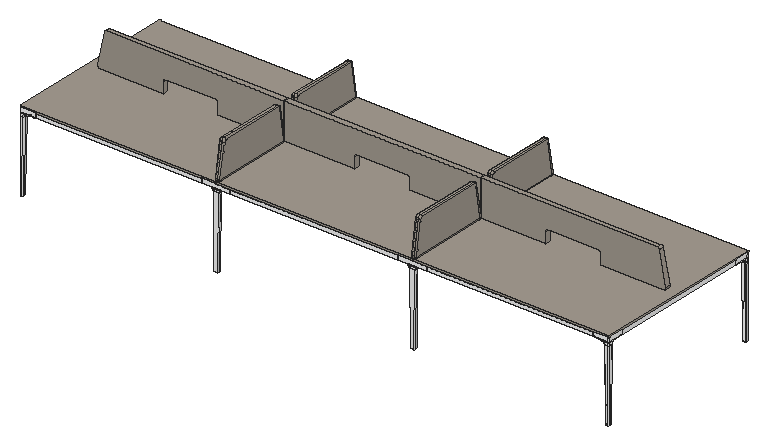
Revit family "BDG_BossDesign_Tbls_ATOM_Desks1", category Furniture, Revit 2016 (continued)
Definition of nested family "AtomTablesPartitionsSet1"
  Forms (mm)
    Sweep 9, void
      path in 3D
        loop
          line (-20, 57.643, 735) -> (-20, 779.804, 735)
          arc (-20, 779.804, 735) -> (-20, 795.105, 742.12) -> (-20, 799.511, 758.411) r 20
          line (-20, 799.511, 758.411) -> (-20, 749.319, 1048.411)
          arc (-20, 749.319, 1048.411) -> (-20, 742.492, 1060.301) -> (-20, 729.612, 1065) r 20
          line (-20, 729.612, 1065) -> (-20, 107.836, 1065)
          arc (-20, 107.836, 1065) -> (-20, 94.956, 1060.301) -> (-20, 88.129, 1048.411) r 20
      profile origin (-20, 94.956, 1060.301) x (0, -0.643995, 0.76503) y (-1, 0, 0)
        loop
          line (0, 0) -> (-10, 0)
          arc (-10, 0) -> (-2.929, -2.929) -> (0, -10) r 10
          line (0, -10) -> (0, 0)
    Extrusion 10, solid, material <- "ScreenPanelMaterial", visible <- "IsVerticalPartition"
      sketch origin (0, 0, 0) x (0, 1, 0) y (0, 0, 1)
        loop
          line (88.129, 1048.411) -> (37.936, 758.411)
          arc (37.936, 758.411) -> (42.343, 742.12) -> (57.643, 735) r 20
          line (57.643, 735) -> (779.804, 735)
          arc (779.804, 735) -> (795.105, 742.12) -> (799.511, 758.411) r 20
          line (799.511, 758.411) -> (749.319, 1048.411)
          arc (749.319, 1048.411) -> (742.492, 1060.301) -> (729.612, 1065) r 20
          line (729.612, 1065) -> (107.836, 1065)
          arc (107.836, 1065) -> (94.956, 1060.301) -> (88.129, 1048.411) r 20
      from -20 to 20
    Extrusion 11, solid, material <- "ScreenPanelMaterial", visible <- "IsVerticalPartition"
      sketch origin (0, 0, 0) x (0, -1, 0) y (0, 0, -1)
        loop
          arc (88.129, -1048.411) -> (94.956, -1060.301) -> (107.836, -1065) r 20
          line (107.836, -1065) -> (729.612, -1065)
          arc (729.612, -1065) -> (742.492, -1060.301) -> (749.319, -1048.411) r 20
          line (749.319, -1048.411) -> (799.511, -758.411)
          arc (799.511, -758.411) -> (795.105, -742.12) -> (779.804, -735) r 20
          line (779.804, -735) -> (57.643, -735)
          arc (57.643, -735) -> (42.343, -742.12) -> (37.936, -758.411) r 20
          line (37.936, -758.411) -> (88.129, -1048.411)
      from -20 to 20
    Sweep 12, void
      path in 3D
        loop
          arc (-20, -37.936, 758.411) -> (-20, -42.343, 742.12) -> (-20, -57.643, 735) r 20
          line (-20, -57.643, 735) -> (-20, -779.804, 735)
          arc (-20, -779.804, 735) -> (-20, -795.105, 742.12) -> (-20, -799.511, 758.411) r 20
          line (-20, -799.511, 758.411) -> (-20, -749.319, 1048.411)
          arc (-20, -749.319, 1048.411) -> (-20, -742.492, 1060.301) -> (-20, -729.612, 1065) r 20
          line (-20, -729.612, 1065) -> (-20, -107.836, 1065)
          arc (-20, -107.836, 1065) -> (-20, -94.956, 1060.301) -> (-20, -88.129, 1048.411) r 20
          line (-20, -88.129, 1048.411) -> (-20, -37.936, 758.411)
      profile origin (-20, -63.033, 903.411) x (0, -0.985351, -0.170541) y (-1, 0, 0)
        loop
          line (0, 0) -> (0, -10)
          arc (0, -10) -> (2.929, -2.929) -> (10, 0) r 10
          line (10, 0) -> (0, 0)
    Sweep 13, void
      path in 3D
        loop
          arc (20, -729.612, 1065) -> (20, -742.492, 1060.301) -> (20, -749.319, 1048.411) r 20
          line (20, -749.319, 1048.411) -> (20, -799.511, 758.411)
          arc (20, -799.511, 758.411) -> (20, -795.105, 742.12) -> (20, -779.804, 735) r 20
          line (20, -779.804, 735) -> (20, -57.643, 735)
          arc (20, -57.643, 735) -> (20, -42.343, 742.12) -> (20, -37.936, 758.411) r 20
          line (20, -37.936, 758.411) -> (20, -88.129, 1048.411)
          arc (20, -88.129, 1048.411) -> (20, -94.956, 1060.301) -> (20, -107.836, 1065) r 20
          line (20, -107.836, 1065) -> (20, -729.612, 1065)
      profile origin (20, -418.724, 1065) x (1, 0, 0) y (0, 0, 1)
        loop
          line (0, 0) -> (-10, 0)
          arc (-10, 0) -> (-2.929, -2.929) -> (0, -10) r 10
          line (0, -10) -> (0, 0)
    Sweep 14, void
      path in 3D
        loop
          line (20, 749.319, 1048.411) -> (20, 799.511, 758.411)
          arc (20, 799.511, 758.411) -> (20, 795.105, 742.12) -> (20, 779.804, 735) r 20
          line (20, 779.804, 735) -> (20, 57.643, 735)
          arc (20, 57.643, 735) -> (20, 42.343, 742.12) -> (20, 37.936, 758.411) r 20
          line (20, 37.936, 758.411) -> (20, 88.129, 1048.411)
          arc (20, 88.129, 1048.411) -> (20, 94.956, 1060.301) -> (20, 107.836, 1065) r 20
          line (20, 107.836, 1065) -> (20, 729.612, 1065)
          arc (20, 729.612, 1065) -> (20, 742.492, 1060.301) -> (20, 749.319, 1048.411) r 20
      profile origin (20, 742.492, 1060.301) x (0, 0.643995, 0.76503) y (1, 0, 0)
        loop
          line (0, 0) -> (-10, 0)
          arc (-10, 0) -> (-2.929, -2.929) -> (0, -10) r 10
          line (0, -10) -> (0, 0)
    Sweep 15, void
      path in 3D
        loop
          line (-20, 88.129, 1048.411) -> (-20, 37.936, 758.411)
          arc (-20, 37.936, 758.411) -> (-20, 42.343, 742.12) -> (-20, 57.643, 735) r 20
          line (-20, 57.643, 735) -> (-20, 779.804, 735)
          arc (-20, 779.804, 735) -> (-20, 795.105, 742.12) -> (-20, 799.511, 758.411) r 20
          line (-20, 799.511, 758.411) -> (-20, 749.319, 1048.411)
          arc (-20, 749.319, 1048.411) -> (-20, 742.492, 1060.301) -> (-20, 729.612, 1065) r 20
          line (-20, 729.612, 1065) -> (-20, 107.836, 1065)
          arc (-20, 107.836, 1065) -> (-20, 94.956, 1060.301) -> (-20, 88.129, 1048.411) r 20
      profile origin (-20, 94.956, 1060.301) x (0, -0.643995, 0.76503) y (-1, 0, 0)
        loop
          line (0, 0) -> (-10, 0)
          arc (-10, 0) -> (-2.929, -2.929) -> (0, -10) r 10
          line (0, -10) -> (0, 0)
    Extrusion 16, solid, material <- "ScreenPanelMaterial", visible <- "Is2BayPartitionOther"
      sketch origin (0, 0, 0) x (1, 0, 0) y (0, 0, 1)
        loop
          line (-1614.605, 1048.959) -> (-1673.162, 758.959)
          arc (-1673.162, 758.959) -> (-1669.036, 742.335) -> (-1653.558, 735) r 20
          line (-1653.558, 735) -> (-1118, 735) -> (-1118, 835)
          arc (-1118, 835) -> (-1112.142, 849.142) -> (-1098, 855) r 20
          line (-1098, 855) -> (-638, 855)
          arc (-638, 855) -> (-623.858, 849.142) -> (-618, 835) r 20
          line (-618, 835) -> (-618, 735) -> (0, 735) -> (0, 1065) -> (-1595, 1065)
          arc (-1595, 1065) -> (-1607.666, 1060.479) -> (-1614.605, 1048.959) r 20
      from -20 to 20
    Extrusion 17, solid, material <- "ScreenPanelMaterial", visible <- "Is2BayPartition"
      sketch origin (0, 0, 0) x (-1, 0, 0) y (0, 0, -1)
        loop
          arc (-1234.605, -1048.959) -> (-1227.666, -1060.479) -> (-1215, -1065) r 20
          line (-1215, -1065) -> (0, -1065) -> (0, -735) -> (-398, -735) -> (-398, -835)
          arc (-398, -835) -> (-403.858, -849.142) -> (-418, -855) r 20
          line (-418, -855) -> (-878, -855)
          arc (-878, -855) -> (-892.142, -849.142) -> (-898, -835) r 20
          line (-898, -835) -> (-898, -735) -> (-1273.558, -735)
          arc (-1273.558, -735) -> (-1289.036, -742.335) -> (-1293.162, -758.959) r 20
          line (-1293.162, -758.959) -> (-1234.605, -1048.959)
      from -20 to 20
  Cuts and joins
    Sweep 6, Sweep 7, Sweep 12 cuts Extrusion 5
    Sweep 8, Sweep 9 cuts Extrusion 1
    Sweep 12, Sweep 13 cuts Extrusion 11
    Sweep 14, Sweep 15 cuts Extrusion 10
  Lines and regions (mm)
    sketch lines
      curve 1: line (-20, -88.129, 1048.411) -> (-20, -37.936, 758.411)
      curve 2: arc (-20, -729.612, 1065) -> (-20, -742.492, 1060.301) -> (-20, -749.319, 1048.411) r 20
      curve 3: line (-20, -729.612, 1065) -> (-20, -107.836, 1065)
      curve 4: line (-20, -799.511, 758.411) -> (-20, -749.319, 1048.411)
      curve 5: arc (-20, -799.511, 758.411) -> (-20, -795.105, 742.12) -> (-20, -779.804, 735) r 20
      curve 6: line (-20, -57.643, 735) -> (-20, -779.804, 735)
      curve 7: arc (-20, -57.643, 735) -> (-20, -42.343, 742.12) -> (-20, -37.936, 758.411) r 20
      curve 8: arc (-20, -88.129, 1048.411) -> (-20, -94.956, 1060.301) -> (-20, -107.836, 1065) r 20
      curve 9: line (20, -107.836, 1065) -> (20, -729.612, 1065)
      curve 10: arc (20, -107.836, 1065) -> (20, -94.956, 1060.301) -> (20, -88.129, 1048.411) r 20
      curve 11: line (20, -37.936, 758.411) -> (20, -88.129, 1048.411)
      curve 12: arc (20, -37.936, 758.411) -> (20, -42.343, 742.12) -> (20, -57.643, 735) r 20
      curve 13: line (20, -779.804, 735) -> (20, -57.643, 735)
      curve 14: arc (20, -779.804, 735) -> (20, -795.105, 742.12) -> (20, -799.511, 758.411) r 20
      curve 15: line (20, -749.319, 1048.411) -> (20, -799.511, 758.411)
      curve 16: arc (20, -749.319, 1048.411) -> (20, -742.492, 1060.301) -> (20, -729.612, 1065) r 20
      curve 17: arc (20, 729.612, 1065) -> (20, 742.492, 1060.301) -> (20, 749.319, 1048.411) r 20
      curve 18: line (20, 799.511, 758.411) -> (20, 749.319, 1048.411)
      curve 19: arc (20, 799.511, 758.411) -> (20, 795.105, 742.12) -> (20, 779.804, 735) r 20
      curve 20: line (20, 57.643, 735) -> (20, 779.804, 735)
      curve 21: arc (20, 57.643, 735) -> (20, 42.343, 742.12) -> (20, 37.936, 758.411) r 20
      curve 22: line (20, 88.129, 1048.411) -> (20, 37.936, 758.411)
      curve 23: arc (20, 88.129, 1048.411) -> (20, 94.956, 1060.301) -> (20, 107.836, 1065) r 20
      curve 24: line (20, 729.612, 1065) -> (20, 107.836, 1065)
      curve 25: arc (-20, 107.836, 1065) -> (-20, 94.956, 1060.301) -> (-20, 88.129, 1048.411) r 20
      curve 26: line (-20, 37.936, 758.411) -> (-20, 88.129, 1048.411)
      curve 27: arc (-20, 37.936, 758.411) -> (-20, 42.343, 742.12) -> (-20, 57.643, 735) r 20
      curve 28: line (-20, 779.804, 735) -> (-20, 57.643, 735)
      curve 29: arc (-20, 779.804, 735) -> (-20, 795.105, 742.12) -> (-20, 799.511, 758.411) r 20
      curve 30: line (-20, 749.319, 1048.411) -> (-20, 799.511, 758.411)
      curve 31: line (-20, 107.836, 1065) -> (-20, 729.612, 1065)
      curve 32: arc (-20, 749.319, 1048.411) -> (-20, 742.492, 1060.301) -> (-20, 729.612, 1065) r 20
      curve 33: line (-20, -88.129, 1048.411) -> (-20, -37.936, 758.411)
      curve 34: arc (-20, -729.612, 1065) -> (-20, -742.492, 1060.301) -> (-20, -749.319, 1048.411) r 20
      curve 35: line (-20, -729.612, 1065) -> (-20, -107.836, 1065)
      curve 36: line (-20, -799.511, 758.411) -> (-20, -749.319, 1048.411)
      curve 37: arc (-20, -799.511, 758.411) -> (-20, -795.105, 742.12) -> (-20, -779.804, 735) r 20
      curve 38: line (-20, -57.643, 735) -> (-20, -779.804, 735)
      curve 39: arc (-20, -57.643, 735) -> (-20, -42.343, 742.12) -> (-20, -37.936, 758.411) r 20
      curve 40: arc (-20, -88.129, 1048.411) -> (-20, -94.956, 1060.301) -> (-20, -107.836, 1065) r 20
      curve 41: line (20, -107.836, 1065) -> (20, -729.612, 1065)
      curve 42: arc (20, -107.836, 1065) -> (20, -94.956, 1060.301) -> (20, -88.129, 1048.411) r 20
      curve 43: line (20, -37.936, 758.411) -> (20, -88.129, 1048.411)
      curve 44: arc (20, -37.936, 758.411) -> (20, -42.343, 742.12) -> (20, -57.643, 735) r 20
      curve 45: line (20, -779.804, 735) -> (20, -57.643, 735)
      curve 46: arc (20, -779.804, 735) -> (20, -795.105, 742.12) -> (20, -799.511, 758.411) r 20
      curve 47: line (20, -749.319, 1048.411) -> (20, -799.511, 758.411)
      curve 48: arc (20, -749.319, 1048.411) -> (20, -742.492, 1060.301) -> (20, -729.612, 1065) r 20
      curve 49: arc (20, 729.612, 1065) -> (20, 742.492, 1060.301) -> (20, 749.319, 1048.411) r 20
      curve 50: line (20, 799.511, 758.411) -> (20, 749.319, 1048.411)
      curve 51: arc (20, 799.511, 758.411) -> (20, 795.105, 742.12) -> (20, 779.804, 735) r 20
      curve 52: line (20, 57.643, 735) -> (20, 779.804, 735)
      curve 53: arc (20, 57.643, 735) -> (20, 42.343, 742.12) -> (20, 37.936, 758.411) r 20
      curve 54: line (20, 88.129, 1048.411) -> (20, 37.936, 758.411)
      curve 55: arc (20, 88.129, 1048.411) -> (20, 94.956, 1060.301) -> (20, 107.836, 1065) r 20
      curve 56: line (20, 729.612, 1065) -> (20, 107.836, 1065)
      curve 57: arc (-20, 107.836, 1065) -> (-20, 94.956, 1060.301) -> (-20, 88.129, 1048.411) r 20
      curve 58: line (-20, 37.936, 758.411) -> (-20, 88.129, 1048.411)
      curve 59: arc (-20, 37.936, 758.411) -> (-20, 42.343, 742.12) -> (-20, 57.643, 735) r 20
      curve 60: line (-20, 779.804, 735) -> (-20, 57.643, 735)
      curve 61: arc (-20, 779.804, 735) -> (-20, 795.105, 742.12) -> (-20, 799.511, 758.411) r 20
      curve 62: line (-20, 749.319, 1048.411) -> (-20, 799.511, 758.411)
      curve 63: line (-20, 107.836, 1065) -> (-20, 729.612, 1065)
      curve 64: arc (-20, 749.319, 1048.411) -> (-20, 742.492, 1060.301) -> (-20, 729.612, 1065) r 20
  Dimensions and locks
    plane 5 to plane 3 "Center (Left/Right)" to plane 4 = 20 mm locked, 20 mm locked
    locked: plane 8 to plane 9 at 12
    locked: plane 9 to plane 2 at 723
    locked: plane 10 to plane 8 at 330
    Extrusion 1 sketch curve to plane 11 = 57.643 mm
    locked: Extrusion 1 sketch curve to plane 8 at 20  (x2)
    "VerticalPartitionLength": plane 12 to plane 11
    plane 12 to Extrusion 1 sketch curve = 20.196 mm
    equal spacing: plane 13, plane 1 "Center (Front/Back)", plane 14
    locked: plane 13 to plane 14 at 40
    locked: plane 15 to plane 17 at 63
    locked: plane 15 to Extrusion 2 sketch curve at 38.558
    locked: Extrusion 2 sketch curve to plane 8 at 20
    locked: plane 18 to plane 20 at 63
    locked: plane 18 to Extrusion 3 sketch curve at 38.558
    locked: plane 12 to Extrusion 1 sketch curve at 70.388
    locked: plane 10 to Extrusion 1 sketch curve at 20  (x2)
    locked: Extrusion 1 sketch curve to plane 11 at 107.836
    Extrusion 5 sketch curve to plane 21 = 57.643 mm
    "VerticalPartitionLength": plane 22 to plane 21
    plane 22 to Extrusion 5 sketch curve = 20.196 mm
    locked: plane 22 to Extrusion 5 sketch curve at 70.388
    locked: Extrusion 5 sketch curve to plane 21 at 107.836
    locked: Extrusion 2 sketch curve to plane 15 at 20
    locked: plane 10 to Extrusion 2 sketch curve at 20
    locked: Extrusion 3 sketch curve to plane 18 at 20
    locked: plane 10 to Extrusion 3 sketch curve at 20
    locked: plane 23 to Extrusion 4 sketch curve at 74.141
    locked: plane 23 to Extrusion 4 sketch curve at 19.656
    locked: plane 24 to Extrusion 4 sketch curve at 74.141
    locked: plane 24 to Extrusion 4 sketch curve at 19.656
    locked: plane 10 to Extrusion 4 sketch curve at 20  (x2)
    locked: Extrusion 4 sketch curve to plane 9 at 32  (x2)
    equal spacing: plane 23, plane 3 "Center (Left/Right)", plane 24
    "SingularPartition": plane 23 to plane 24
    plane 26 to plane 3 "Center (Left/Right)" to plane 25 = 20 mm locked, 20 mm locked
    Extrusion 10 sketch curve to plane 27 = 57.643 mm
    "VerticalPartitionLength": plane 28 to plane 27
    plane 28 to Extrusion 10 sketch curve = 20.196 mm
    locked: plane 28 to Extrusion 10 sketch curve at 70.388
    locked: Extrusion 10 sketch curve to plane 27 at 107.836
    Extrusion 11 sketch curve to plane 29 = 57.643 mm
    "VerticalPartitionLength": plane 30 to plane 29
    plane 30 to Extrusion 11 sketch curve = 20.196 mm
    locked: plane 30 to Extrusion 11 sketch curve at 70.388
    locked: Extrusion 11 sketch curve to plane 29 at 107.836
    equal spacing: plane 34, plane 32, plane 33
    locked: plane 34 to plane 33 at 500
    locked: Extrusion 2 sketch curve to plane 33 at 20
    locked: plane 31 to Extrusion 2 sketch curve at 20  (x2)
    locked: Extrusion 2 sketch curve to plane 34 at 20
    equal spacing: plane 38, plane 36, plane 37
    locked: plane 38 to plane 37 at 500
    locked: Extrusion 3 sketch curve to plane 37 at 20
    locked: Extrusion 3 sketch curve to plane 38 at 20
    "OffSetApertureEnds": plane 23 to plane 41
    "OffSetApertureEnds": plane 24 to plane 42
    locked: plane 39 to plane 8 at 120
    locked: plane 41 to Extrusion 4 sketch curve at 20
    locked: plane 42 to Extrusion 4 sketch curve at 20
    locked: plane 39 to Extrusion 4 sketch curve at 20  (x2)
    locked: plane 34 to plane 16 at 398
    locked: plane 46 to plane 48 at 63
    locked: plane 46 to Extrusion 16 sketch curve at 38.558
    locked: plane 49 to plane 51 at 63
    locked: plane 49 to Extrusion 17 sketch curve at 38.558
    locked: Extrusion 16 sketch curve to plane 46 at 20
    locked: Extrusion 17 sketch curve to plane 49 at 20
    equal spacing: plane 55, plane 53, plane 54
    locked: plane 55 to plane 54 at 500
    locked: Extrusion 16 sketch curve to plane 54 at 20
    locked: plane 52 to Extrusion 16 sketch curve at 20  (x2)
    locked: Extrusion 16 sketch curve to plane 55 at 20
    equal spacing: plane 59, plane 57, plane 58
    locked: plane 59 to plane 58 at 500
    locked: Extrusion 17 sketch curve to plane 58 at 20
    locked: Extrusion 17 sketch curve to plane 59 at 20
    locked: plane 55 to plane 47 at 618
    locked: plane 16 to plane 44 at 1298
    locked: plane 19 to plane 20 at 1698
    locked: plane 50 to plane 51 at 1298
    locked: plane 47 to plane 48 at 1678
    locked: plane 19 to plane 45 at 618
    locked: plane 50 to plane 60 at 398
    aligned and locked: level to plane 2
    aligned and locked: Extrusion 1 to plane 5
    aligned and locked: Extrusion 1 to plane 4
    aligned and locked: plane 1 "Center (Front/Back)" to plane 11
    aligned and locked: Extrusion 2 sketch curve to plane 8
    aligned and locked: Extrusion 2 sketch curve to plane 16
    aligned and locked: plane 3 "Center (Left/Right)" to plane 16
    aligned and locked: plane 19 to plane 3 "Center (Left/Right)"
    aligned and locked: plane 13 to Extrusion 2
    aligned and locked: plane 14 to Extrusion 2
    aligned and locked: plane 13 to Extrusion 3
    aligned and locked: plane 14 to Extrusion 3
    aligned and locked: plane 13 to Extrusion 4
    aligned and locked: plane 14 to Extrusion 4
    aligned and locked: plane 10 to Extrusion 1 sketch curve
    aligned and locked: Extrusion 3 sketch curve to plane 10
    aligned and locked: Extrusion 4 sketch curve to plane 8
    aligned and locked: Extrusion 10 to plane 26
    aligned and locked: Extrusion 10 to plane 25
    aligned and locked: Extrusion 3 sketch curve to plane 38
    aligned and locked: plane 35 to Extrusion 3 sketch curve
    aligned and locked: plane 42 to Extrusion 4 sketch curve
    aligned and locked: Extrusion 4 sketch curve to plane 41
    aligned and locked: Extrusion 4 sketch curve to plane 43
    aligned and locked: plane 34 to Extrusion 2 sketch curve
    aligned and locked: Extrusion 3 sketch curve to plane 45
    aligned and locked: Extrusion 16 sketch curve to plane 47
    aligned and locked: plane 50 to Extrusion 17 sketch curve
    aligned and locked: Extrusion 17 sketch curve to plane 59
    aligned and locked: plane 56 to Extrusion 17 sketch curve
    aligned and locked: plane 55 to Extrusion 16 sketch curve
    aligned and locked: Extrusion 17 sketch curve to plane 60
    aligned and locked: plane 3 "Center (Left/Right)" to plane 47
    aligned and locked: plane 50 to plane 3 "Center (Left/Right)"
    aligned and locked: Extrusion 3 sketch curve to plane 3 "Center (Left/Right)"
  Automatic sketch dimensions
    profile plane to Sweep 6 sketch curve = 0 mm
    Sweep 6 sketch curve to profile plane = 0 mm
    Sweep 6 sketch curve to Sweep 6 sketch curve = 10 mm
    Sweep 7 sketch curve to profile plane = 0 mm
    profile plane to Sweep 7 sketch curve = 0 mm
    Sweep 7 sketch curve to Sweep 7 sketch curve = 10 mm
    Sweep 8 sketch curve to profile plane = 0 mm  (x2)
    Sweep 8 sketch curve to Sweep 8 sketch curve = 10 mm
    Sweep 9 sketch curve to profile plane = 0 mm
    profile plane to Sweep 9 sketch curve = 0 mm
    profile plane to Sweep 9 sketch curve = 10 mm
    profile plane to Sweep 12 sketch curve = 0 mm
    Sweep 12 sketch curve to profile plane = 0 mm
    Sweep 12 sketch curve to Sweep 12 sketch curve = 10 mm
    Sweep 13 sketch curve to profile plane = 0 mm
    profile plane to Sweep 13 sketch curve = 0 mm
    Sweep 13 sketch curve to Sweep 13 sketch curve = 10 mm
    Sweep 14 sketch curve to profile plane = 0 mm  (x2)
    Sweep 14 sketch curve to Sweep 14 sketch curve = 10 mm
    Sweep 15 sketch curve to profile plane = 0 mm
    profile plane to Sweep 15 sketch curve = 0 mm
    profile plane to Sweep 15 sketch curve = 10 mm
    Extrusion 2 sketch curve to plane 8 = 0 mm
    Extrusion 2 sketch curve to plane 10 = 0 mm
    plane 17 to Extrusion 2 sketch curve = 4.838 mm
    plane 15 to Extrusion 2 sketch curve = 0.395 mm
    Extrusion 16 sketch curve to plane 8 = 0 mm  (x2)
    Extrusion 16 sketch curve to plane 10 = 0 mm
    plane 48 to Extrusion 16 sketch curve = 4.838 mm
    plane 46 to Extrusion 16 sketch curve = 0.395 mm
    plane 8 to Extrusion 16 sketch curve = 20 mm
    Extrusion 16 sketch curve to Extrusion 16 sketch curve = 20 mm
    Extrusion 3 sketch curve to plane 8 = 0 mm  (x2)
    Extrusion 3 sketch curve to plane 20 = 4.838 mm
    Extrusion 3 sketch curve to plane 18 = 0.395 mm
    Extrusion 3 sketch curve to Extrusion 3 sketch curve = 20 mm
    Extrusion 17 sketch curve to plane 8 = 0 mm  (x2)
    Extrusion 17 sketch curve to plane 10 = 0 mm
    Extrusion 17 sketch curve to plane 51 = 4.838 mm
    Extrusion 17 sketch curve to plane 49 = 0.395 mm
    Extrusion 17 sketch curve to Extrusion 17 sketch curve = 20 mm
    plane 10 to Extrusion 17 sketch curve = 20 mm
    Extrusion 1 sketch curve to plane 8 = 0 mm
    plane 13 to Extrusion 1 sketch curve = 17.936 mm
    Extrusion 1 sketch curve to plane 6 "name2" = 2.871 mm
    Extrusion 1 sketch curve to plane 10 = 16.589 mm
    plane 12 to Extrusion 1 sketch curve = 0.489 mm
    plane 23 to Extrusion 4 sketch curve = 0 mm
    Extrusion 4 sketch curve to plane 8 = 0 mm
    Extrusion 4 sketch curve to plane 24 = 0 mm
    Extrusion 4 sketch curve to plane 10 = 0 mm
    Extrusion 4 sketch curve to plane 10 = 16.307 mm  (x2)
    Extrusion 4 sketch curve to Extrusion 4 sketch curve = 7.986 mm
    Extrusion 5 sketch curve to plane 8 = 0 mm
    Extrusion 5 sketch curve to plane 10 = 0 mm
    Extrusion 5 sketch curve to plane 14 = 17.936 mm
    plane 7 to Extrusion 5 sketch curve = 2.871 mm
    plane 10 to Extrusion 5 sketch curve = 16.589 mm
    Extrusion 5 sketch curve to Extrusion 5 sketch curve = 19.707 mm
    Extrusion 5 sketch curve to plane 22 = 0.489 mm
    Extrusion 5 sketch curve to plane 8 = 20 mm  (x2)
    Extrusion 5 sketch curve to Extrusion 5 sketch curve = 20 mm
    Extrusion 10 sketch curve to plane 8 = 0 mm
    Extrusion 10 sketch curve to plane 10 = 0 mm
    plane 13 to Extrusion 10 sketch curve = 17.936 mm
    Extrusion 10 sketch curve to plane 6 "name2" = 2.871 mm
    Extrusion 10 sketch curve to plane 10 = 16.589 mm
    Extrusion 10 sketch curve to Extrusion 10 sketch curve = 19.707 mm
    plane 28 to Extrusion 10 sketch curve = 0.489 mm
    plane 8 to Extrusion 10 sketch curve = 20 mm  (x2)
    Extrusion 10 sketch curve to Extrusion 10 sketch curve = 20 mm
    Extrusion 11 sketch curve to plane 8 = 0 mm
    Extrusion 11 sketch curve to plane 10 = 0 mm
    Extrusion 11 sketch curve to plane 14 = 17.936 mm
    plane 7 to Extrusion 11 sketch curve = 2.871 mm
    plane 10 to Extrusion 11 sketch curve = 16.589 mm
    Extrusion 11 sketch curve to Extrusion 11 sketch curve = 19.707 mm
    Extrusion 11 sketch curve to plane 30 = 0.489 mm
    Extrusion 11 sketch curve to plane 8 = 20 mm  (x2)
    Extrusion 11 sketch curve to Extrusion 11 sketch curve = 20 mm
Types (11, lengths in mm): name | OffSetForVertical4Bay | OffSetForVertical3Bay | OffSetApertureEnds | OffSet4Partitions | NestSet3 | NestSet2 | NestSet1 | LongitudinalBeam | IsVerticalPartition4Bay | IsVerticalPartition3Bay | IsVerticalPartition | TableTopEnds | TableTop2Bay | Size | SingularPartition | Shape | OffsetForUnderFrameEnds | OffSetTableTop2Bay | OffSetForTableTopEnds | OffSetBetweenBeam4Bay | OffSetBeam2BayVerticalEnd | OffSet4BeamBayEnd | OffSet3BayPartition | OffSet2BayBeam | NominalLength | ModelReference | ModelNumber | Model | IsVerticalUnderFrame4Bay | IsVerticalUnderFrame3Bay | IsUnderFrameBeam3BayCentral | IsSingularPartition | IsMiddleUnderFrameSingular | IsMiddleUnderFrame4Beam | IsMiddleUnderFrame3Beam | IsMiddleUnderFrame2Beam | IsMiddleUnderFrame1Beam | IsDeskTopSingular | IsDeskTop4 | IsDeskTop3 | IsDeskTop2BayEnds | IsDeskTop2 | IsDeskTop1 | IsCentral2BayFor4BayOther | IsCentral2BayFor4Bay | Is4PartitionsBayMiddle2Bays | Is4BayPartitionOther | Is4BayPartition | Is3BayParitionOther | Is2BayPartitionOther | DeskTopSingular | DeskSubSectionLengthEnd | DeskSubSection2&3For4Bay | Description | CentralPartitionRectangle | IsCentralBayPartition | BeamBayEnd | Beam4Bay | Beam3BayCentralBay | 4BayPartitionsMiddle2Bays | 3BayPartitionBetween1&3 | Is3BayPartition | Is2BayPartition | 2BayHorizontalPartition
  1500 x 1600mm 2 Person Desk | 1280 | 1280 | 408 | 1320 | no | no | yes | 1258 | no | no | no | 1112.146 | 1500 | "1500 x 1600 x 735mm" | 1316 | "Rectangular" | 1500 | 14266.988 | 3600 | 275 | 8242.805 | 892.5 | 500 | 6900 | 1500 | "1500 x 1600mm 2 Person Desk" | "BOSS_ATBD15X16" | "BOSS_ATBD15X16" | no | no | yes | yes | yes | no | no | no | no | yes | no | no | no | no | no | yes | yes | no | yes | yes | yes | no | 1500 | 1800 | 1400 | "1500 x 1600mm 2 Person Desk" | 1309 | no | 1525 | 1525 | 1206 | 4200 | 787.846 | no | no | 787.846
  1800 x 1600mm 2 Person Desk | 1280 | 1280 | 558 | 1320 | no | no | yes | 1558 | no | no | no | 1112.146 | 1400 | "1800 x 1600 x 735mm" | 1616 | "Rectangular" | 1800 | 14266.988 | 3600 | 275 | 8242.805 | 900 | 500 | 6900 | 1800 | "1800 x 1600mm 2 Person Desk" | "BOSS_ATBD18X16" | "BOSS_ATBD18X16" | no | no | yes | yes | yes | no | no | no | no | yes | no | no | no | no | no | yes | yes | no | yes | yes | yes | no | 1800 | 1510 | 1400 | "1800 x 1600mm 2 Person Desk" | 1616 | no | 1525 | 1525 | 1506 | 4200 | 787.846 | no | no | 787.846
  1600 x 1600mm 2 Person Desk | 1280 | 1280 | 458 | 1320 | no | no | yes | 1358 | no | no | no | 1112.146 | 1400 | "1600 x 1600 x 735mm" | 1416 | "Square" | 1600 | 14266.988 | 3600 | 275 | 8242.805 | 892.5 | 500 | 6900 | 1600 | "1600 x 1600mm 2 Person Desk" | "BOSS_ATBD16X16" | "BOSS_ATBD16X16" | no | no | yes | yes | yes | no | no | no | no | yes | no | no | no | no | no | yes | yes | no | yes | yes | yes | no | 1600 | 1799 | 1400 | "1600 x 1600mm 2 Person Desk" | 1416 | no | 1800 | 1525 | 1306 | 4200 | 787.846 | no | no | 787.846
  2000 x 1600mm 2 Person Desk | 1280 | 1280 | 658 | 1320 | no | no | yes | 1758 | no | no | no | 1112.146 | 1400 | "2000 x 1600 x 735mm" | 1816 | "Rectangular" | 2000 | 14266.988 | 3600 | 275 | 8242.805 | 892.5 | 500 | 6900 | 2000 | "2000 x 1600mm 2 Person Desk" | "BOSS_ATBD20X16" | "BOSS_ATBD20X16" | no | no | yes | yes | yes | no | no | no | no | yes | no | no | no | no | no | yes | yes | no | yes | yes | yes | no | 2000 | 1799 | 1400 | "2000 x 1600mm 2 Person Desk" | 1816 | no | 1525 | 1525 | 1706 | 4200 | 787.846 | no | no | 787.846
  2800 x 1600mm 4 Person Desk | 1280 | 1280 | 150 | 1320 | no | no | yes | 2558 | no | no | yes | 1112.146 | 1400 | "2800 x 1600 x 735mm" | 500 | "Rectangular" | 2800 | 1400 | 3600 | 260 | 8242.805 | 1253 | 500 | 1253 | 2800 | "2800 x 1600mm 4 Person Desk" | "BOSS_ATBD28X16" | "BOSS_ATBD28X16" | no | yes | no | no | no | yes | no | no | yes | no | no | no | yes | no | no | yes | yes | no | no | no | no | no | 1400 | 1400 | 1400 | "2800 x 1600mm 4 Person Desk" | 787.846 | no | 1123 | 1125 | 800 | 4200 | 787.846 | no | yes | 1308
  3600 x 1600mm 4 Person Desk | 1280 | 1280 | 150 | 1320 | no | yes | yes | 3358 | no | no | yes | 1112.146 | 1800 | "3600 x 1600 x 735mm" | 500 | "Rectangular" | 3600 | 1800 | 3600 | 260 | 1800 | 1800 | 500 | 1653 | 3600 | "3600 x 1600mm 4 Person Desk" | "BOSS_ATBD36X16" | "BOSS_ATBD36X16" | no | yes | no | no | no | yes | no | no | yes | no | no | no | yes | no | no | yes | yes | no | yes | yes | no | yes | 1800 | 1800 | 1800 | "3600 x 1600mm 4 Person Desk" | 787.846 | no | 1523 | 1523 | 1523 | 4200 | 787.846 | no | no | 1704
  4200 x 1600mm 6 Person Desk | 1280 | 680 | 150 | 1320 | no | yes | no | 3958 | no | yes | no | 1400 | 1400 | "4200 x 1600 x 735mm" | 500 | "Rectangular" | 4200 | 1800 | 2100 | 1953 | 1800 | 1800 | 700 | 1955 | 4200 | "4200 x 1600mm 6 Person Desk" | "BOSS_ATBD42X16" | "BOSS_ATBD42X16" | yes | no | yes | no | no | yes | no | no | yes | yes | yes | no | no | no | yes | no | no | no | no | no | yes | no | 1400 | 1800 | 700 | "4200 x 1600mm 6 Person Desk" | 1400 | yes | 1123 | 1140 | 1140 | 4200 | 1308 | no | no | 787.846
  1400 x 1600mm 2 Person Desk | 1280 | 1280 | 358 | 1320 | no | no | yes | 1158 | no | no | no | 1112.146 | 1400 | "1400 x 1600 x 735mm" | 1216 | "Rectangular" | 1400 | 14266.988 | 3600 | 275 | 8242.805 | 892.5 | 500 | 6900 | 1400 | "1400 x 1600mm 2 Person Desk" | "BOSS_ATBD14X16" | "BOSS_ATBD14X16" | no | no | yes | yes | yes | no | no | no | no | yes | no | no | no | no | no | yes | yes | no | yes | yes | yes | no | 1400 | 1800 | 1400 | "1400 x 1600mm 2 Person Desk" | 1216 | no | 1525 | 1525 | 1106 | 4200 | 787.846 | no | no | 787.846
  5400 x 1600mm 6 Person Desk | 1780 | 880 | 150 | 1320 | no | yes | no | 5158 | no | yes | no | 1800 | 1800 | "5400 x 1600 x 735mm" | 500 | "Rectangular" | 5400 | 2700 | 2700 | 770 | 1800 | 1800 | 900 | 2553 | 5400 | "5400 x 1600mm 6 Person Desk" | "BOSS_ATBD54X16" | "BOSS_ATBD54X16" | yes | no | yes | no | no | yes | no | no | yes | yes | yes | no | no | no | yes | no | no | no | no | no | no | no | 1800 | 1800 | 900 | "5400 x 1600mm 6 Person Desk" | 1800 | yes | 1523 | 1540 | 1540 | 1800 | 1708 | yes | no | 787.846
  5600 x 1600mm 8 Person Desk | 1380 | 1280 | 150 | 0 | yes | no | no | 5358 | yes | no | no | 1400 | 1400 | "5600 x 1600 x 735mm" | 500 | "Rectangular" | 5600 | 2800 | 2800 | 1270 | 1400 | 1270 | 1400 | 2653 | 5600 | "5600 x 1600mm 8 Person Desk" | "BOSS_ATBD56X16" | "BOSS_ATBD56X16" | yes | yes | no | no | no | yes | yes | yes | yes | no | yes | yes | no | yes | yes | no | yes | yes | no | yes | no | no | 1400 | 1800 | 1400 | "5600 x 1600mm 8 Person Desk" | 787.846 | no | 1125 | 1140 | 800 | 1400 | 1308 | no | no | 787.846
  7200 x 1600mm 8 Person Desk | 1780 | 1280 | 150 | 1320 | yes | no | no | 6958 | yes | no | yes | 1800 | 1800 | "7200 x 1600 x 735mm" | 500 | "Rectangular" | 7200 | 2800 | 3600 | 1670 | 1800 | 1800 | 1800 | 3453 | 7200 | "7200 x 1600mm 8 Person Desk" | "BOSS_ATBD72X16" | "BOSS_ATBD72X16" | yes | yes | no | no | no | yes | yes | yes | yes | no | yes | yes | no | yes | yes | yes | no | yes | yes | no | no | no | 1800 | 1800 | 1800 | "7200 x 1600mm 8 Person Desk" | 787.846 | no | 1523 | 1540 | 800 | 1800 | 1708 | no | no | 787.846
